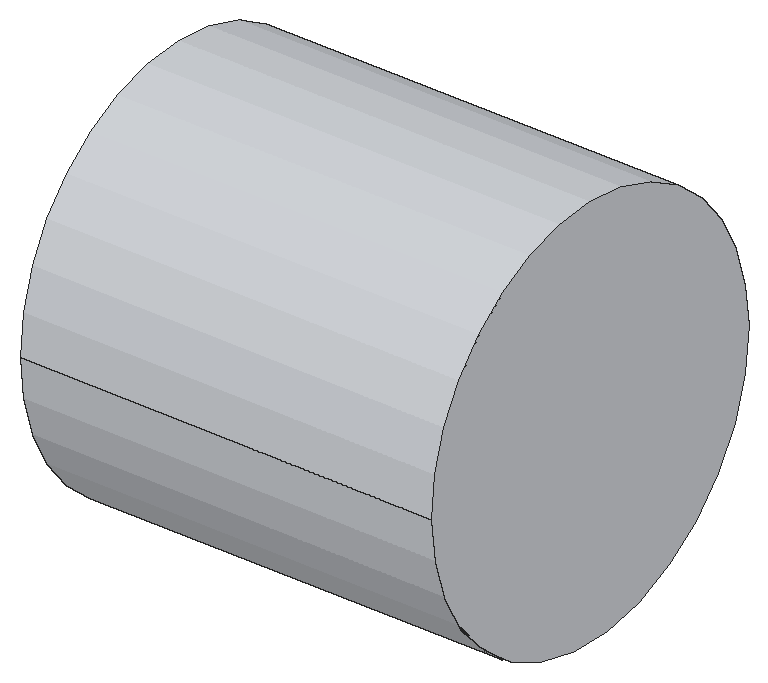
Revit family "Acoplamento do conduíte - Rosqueado - Aço", category Conexões do conduite, Revit 2019
Family settings
  Cota do conector redondo = Usar raio
  Tipo de parte = União
  Com base no plano de trabalho = Não
  Sempre na vertical = Sim
  Corte com vazios quando carregada = Não
  Compartilhado = Não
Parameters (values of type "Padrão")
  Raio nominal [instance] = 7.5 mm
  Diâmetro nominal [instance] = Raio nominal * 2  # 15 mm
  Comprimento [instance] = size_lookup(Pesquisa de tamanho de conduite, "Lgt", 0.41 * Diâmetro nominal + 21.7 mm, Diâmetro nominal)  # 25 mm
  Raio externo da conexão [instance] = Diâmetro externo da conexão / 2  # 12 mm
  Diâmetro externo da conexão [instance] = size_lookup(Pesquisa de tamanho de conduite, "FOD", 0.96 * Diâmetro nominal + 13 mm, Diâmetro nominal)  # 24 mm
  Pesquisa de tamanho de conduite = "BR_Conduit Coupling - Threaded - Steel"
Reference planes
  plane 1 "Centro (frente/trás)": y = 0
  plane 2: z = 0
  plane 3 "Centro (direita/esquerda)": x = 0
  plane 4: x = 25
Forms (mm)
  Extrusion 1, solid, detail levels fine
    sketch origin (0, 0, 0) x (0, 1, 0) y (0, 0, 1)
      loop
        circle (0, 0) r 12
    from 0 to 25
Lines and regions (mm)
  model lines, detail levels coarse+medium
    curve 1: line (0, 0, 0) -> (25, 0, 0)
Dimensions and locks
  "Comprimento": plane 3 "Centro (direita/esquerda)" to plane 4
  "Raio externo da conexão": radius of Extrusion 1 sketch curve
  aligned and locked: plane 3 "Centro (direita/esquerda)" to curve 1
  aligned and locked: plane 4 to curve 1
  aligned and locked: plane 1 "Centro (frente/trás)" to curve 1
  aligned and locked: plane 1 "Centro (frente/trás)" to Extrusion 1 sketch curve
  aligned and locked: plane 2 to Extrusion 1 sketch curve
  aligned and locked: Extrusion 1 to plane 3 "Centro (direita/esquerda)"
  aligned and locked: plane 4 to Extrusion 1
Connectors
  cabletrayconduit at (0, 0, 0), diameter 15, driven by "Raio nominal"
    settings: on Extrusion 1, index 1, connector width 304.8 mm, connector height 304.8 mm, connector angle 0.00°, system type 32, placement type 0, profile type 0, connector reference index 2, is primary connector yes, connector utility param no, connector description ""
  cabletrayconduit at (25, 0, 0), diameter 15, driven by "Raio nominal"
    settings: on Extrusion 1, index 2, connector width 304.8 mm, connector height 304.8 mm, connector angle 0.00°, system type 32, placement type 0, profile type 0, connector reference index 1, is primary connector no, connector utility param no, connector description ""
